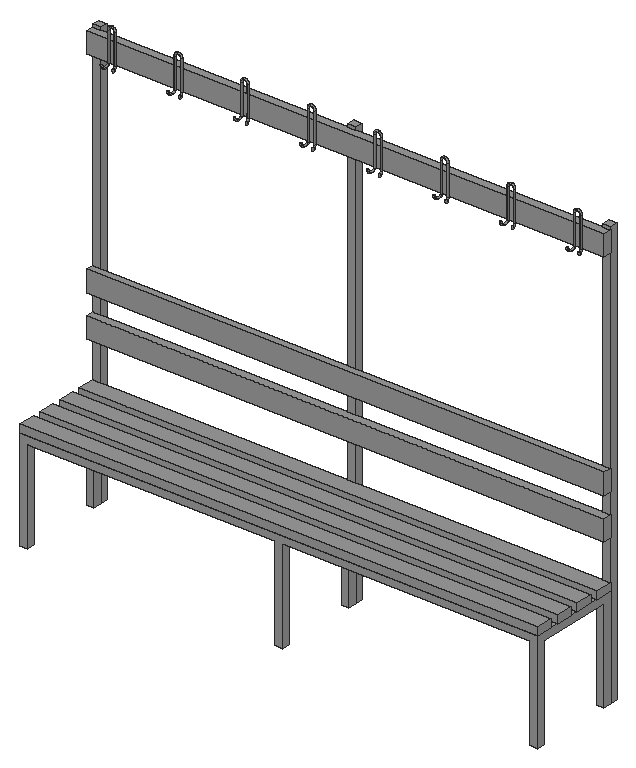
Revit family "Скамейка с вешалкой для раздевалок «Бэйсик Дуо» Арт 20711", category Антураж, Revit 2018
Family settings
  На основе рабочей плоскости = Нет
  Всегда вертикально = Да
  При загрузке вырезать с полостями = Нет
  Источник визуального образа = Геометрия семейства
  Общий = Нет
  Точка расчета площади = Нет
Parameters (values of type "Скамейка с вешалкой для раздевалок «Бэйсик Дуо»")
  Ширина = 380 mm  # constant formula
  Цвет отделки = Дерево
  Цвет каркаса = Сталь
  Описание = "Скамейка с вешалкой для раздевалок «Бэйсик Дуо»"  # constant formula
  Материал изделия = "Сталь, дерево"  # constant formula
  Изображение типоразмера = Скамейка с вешалкой для раздевалок «Бэйсик Дуо» Арт 20711.jpg
  Изготовитель = "ООО «Хоббика»"  # constant formula
  Длина = 2000 mm  # constant formula
  Группа модели = "Скамейки для раздевалок"  # constant formula
  Высота = 1650 mm  # constant formula
  Артикул товара = "Арт. 20711"  # constant formula
  URL = "https://hobbyka.ru/product/skameyka_s_veshalkoy_dlya_razdevalok_beysik_duo/"
Reference planes
  plane 1 "По центру (Вперед/Назад)": y = 0
  plane 2: z = 0
  plane 3 "По центру (Влево/Вправо)": x = 0
  plane 4: z = 1650
  plane 5: y = 380
  plane 6: x = 2000
Forms (mm)
  Extrusion 1, solid, material "Сталь" <- "Цвет каркаса"
    sketch origin (0, 0, 0) x (0, 1, 0) y (0, 0, 1)
      loop
        line (380, 1650) -> (350, 1650) -> (350, 0) -> (380, 0) -> (380, 1650)
    from 0 to 30
  Extrusion 2, solid, material "Сталь" <- "Цвет каркаса"
    sketch origin (0, 0, 0) x (0, 1, 0) y (0, 0, 1)
      loop
        line (350, 390) -> (0, 390) -> (0, 0) -> (30, 0) -> (30, 360) -> (320, 360) -> (320, 0) -> (350, 0) -> (350, 390)
    from 0 to 30
  Extrusion 3, solid, material "Дерево" <- "Цвет отделки"
    sketch origin (0, 0, 0) x (0, 1, 0) y (0, 0, 1)
      loop
        line (350, 1640) -> (320, 1640) -> (320, 1560) -> (350, 1560) -> (350, 1640)
      loop
        line (350, 815) -> (320, 815) -> (320, 735) -> (350, 735) -> (350, 815)
      loop
        line (350, 655) -> (320, 655) -> (320, 575) -> (350, 575) -> (350, 655)
    from 0 to 2000
  Extrusion 4, solid, material "Дерево" <- "Цвет отделки"
    sketch origin (0, 0, 0) x (0, 1, 0) y (0, 0, 1)
      loop
        line (350, 420) -> (285, 420) -> (285, 390) -> (350, 390) -> (350, 420)
    from 0 to 2000
  Extrusion 5, solid, material "Сталь" <- "Цвет каркаса"
    sketch origin (0, 0, 0) x (0, 1, 0) y (0, 0, 1)
      loop
        line (350, 390) -> (0, 390) -> (0, 0) -> (30, 0) -> (30, 360) -> (320, 360) -> (320, 0) -> (350, 0) -> (350, 390)
    from 985 to 1015
  Extrusion 6, solid, material "Сталь" <- "Цвет каркаса"
    sketch origin (0, 0, 0) x (0, 1, 0) y (0, 0, 1)
      loop
        line (350, 390) -> (0, 390) -> (0, 0) -> (30, 0) -> (30, 360) -> (320, 360) -> (320, 0) -> (350, 0) -> (350, 390)
    from 1970 to 2000
  Extrusion 7, solid, material "Сталь" <- "Цвет каркаса"
    sketch origin (0, 0, 0) x (0, 1, 0) y (0, 0, 1)
      loop
        line (380, 1650) -> (350, 1650) -> (350, 0) -> (380, 0) -> (380, 1650)
    from 985 to 1015
  Extrusion 8, solid, material "Сталь" <- "Цвет каркаса"
    sketch origin (0, 0, 0) x (0, 1, 0) y (0, 0, 1)
      loop
        line (380, 1650) -> (350, 1650) -> (350, 0) -> (380, 0) -> (380, 1650)
    from 1970 to 2000
  Extrusion 9, solid, material "Сталь" <- "Цвет каркаса"
    sketch origin (0, 0, 0) x (0, 1, 0) y (0, 0, 1)
      loop
        line (350, 390) -> (320, 390) -> (320, 360) -> (350, 360) -> (350, 390)
      loop
        line (0, 390) -> (0, 360) -> (30, 360) -> (30, 390) -> (0, 390)
    from 30 to 1970
  Extrusion 10, solid, material "Дерево" <- "Цвет отделки"
    sketch origin (0, -285, 0) x (0, 1, 0) y (0, 0, 1)
      loop
        line (350, 420) -> (285, 420) -> (285, 390) -> (350, 390) -> (350, 420)
    from 0 to 2000
  Extrusion 11, solid, material "Дерево" <- "Цвет отделки"
    sketch origin (0, -95, 0) x (0, 1, 0) y (0, 0, 1)
      loop
        line (350, 420) -> (285, 420) -> (285, 390) -> (350, 390) -> (350, 420)
    from 0 to 2000
  Extrusion 12, solid, material "Дерево" <- "Цвет отделки"
    sketch origin (0, -190, 0) x (0, 1, 0) y (0, 0, 1)
      loop
        line (350, 420) -> (285, 420) -> (285, 390) -> (350, 390) -> (350, 420)
    from 0 to 2000
Cuts and joins
  joined: Extrusion 2, Extrusion 5, Extrusion 6, Extrusion 9
Dimensions and locks
  "Высота": plane 4 to plane 2
  "Длина": plane 3 "По центру (Влево/Вправо)" to plane 6
  "Ширина": plane 5 to plane 1 "По центру (Вперед/Назад)"
  Extrusion 1 to plane 1 "По центру (Вперед/Назад)" = 350 mm
  equal spacing: group 1, group 3, group 4, group 2  (x2)
  equal spacing: group 2, group 4, group 3, group 1
  equal spacing: group 5, group 7, group 8, group 9, group 10, group 11, group 12, group 6  (x3)
  aligned and locked: level to plane 2
Automatic sketch dimensions
  Extrusion 1 sketch curve to plane 4 = 0 mm
  Extrusion 1 sketch curve to level = 0 mm
  Extrusion 1 sketch curve to plane 5 = 0 mm
  Extrusion 1 sketch curve to plane 5 = 30 mm
  Extrusion 2 sketch curve to plane 1 "По центру (Вперед/Назад)" = 0 mm
  Extrusion 2 sketch curve to level = 0 mm  (x2)
  Extrusion 2 sketch curve to Extrusion 2 sketch curve = 30 mm  (x2)
  Extrusion 2 sketch curve to plane 5 = 60 mm
  Extrusion 2 sketch curve to plane 5 = 30 mm
  Extrusion 2 sketch curve to Extrusion 2 sketch curve = 360 mm
  Extrusion 3 sketch curve to plane 5 = 60 mm  (x3)
  Extrusion 3 sketch curve to plane 4 = 10 mm
  Extrusion 3 sketch curve to Extrusion 3 sketch curve = 30 mm  (x3)
  Extrusion 3 sketch curve to Extrusion 3 sketch curve = 80 mm  (x4)
  Extrusion 3 sketch curve to Extrusion 3 sketch curve = 745 mm
  Extrusion 4 sketch curve to Extrusion 4 sketch curve = 30 mm
  Extrusion 5 sketch curve to plane 1 "По центру (Вперед/Назад)" = 0 mm
  Extrusion 5 sketch curve to level = 0 mm  (x2)
  Extrusion 5 sketch curve to Extrusion 5 sketch curve = 30 mm  (x2)
  Extrusion 5 sketch curve to plane 5 = 60 mm
  Extrusion 5 sketch curve to plane 5 = 30 mm
  Extrusion 5 sketch curve to Extrusion 5 sketch curve = 360 mm
  Extrusion 6 sketch curve to plane 1 "По центру (Вперед/Назад)" = 0 mm
  Extrusion 6 sketch curve to level = 0 mm  (x2)
  Extrusion 6 sketch curve to Extrusion 6 sketch curve = 30 mm  (x2)
  Extrusion 6 sketch curve to plane 5 = 60 mm
  Extrusion 6 sketch curve to plane 5 = 30 mm
  Extrusion 6 sketch curve to Extrusion 6 sketch curve = 360 mm
  Extrusion 7 sketch curve to plane 4 = 0 mm
  Extrusion 7 sketch curve to level = 0 mm
  Extrusion 7 sketch curve to plane 5 = 0 mm
  Extrusion 7 sketch curve to plane 5 = 30 mm
  Extrusion 8 sketch curve to plane 4 = 0 mm
  Extrusion 8 sketch curve to level = 0 mm
  Extrusion 8 sketch curve to plane 5 = 0 mm
  Extrusion 8 sketch curve to plane 5 = 30 mm
  Extrusion 9 sketch curve to plane 1 "По центру (Вперед/Назад)" = 0 mm
  Extrusion 9 sketch curve to Extrusion 9 sketch curve = 30 mm  (x4)
  Extrusion 9 sketch curve to plane 5 = 60 mm
  level to Extrusion 9 sketch curve = 360 mm
  Extrusion 9 sketch curve to Extrusion 9 sketch curve = 0 mm
  Extrusion 4 sketch curve to Extrusion 4 sketch curve = 65 mm
  Extrusion 10 sketch curve to Extrusion 10 sketch curve = 30 mm
  Extrusion 10 sketch curve to Extrusion 10 sketch curve = 65 mm
  Extrusion 11 sketch curve to Extrusion 11 sketch curve = 30 mm
  Extrusion 11 sketch curve to Extrusion 11 sketch curve = 65 mm
  Extrusion 12 sketch curve to Extrusion 12 sketch curve = 30 mm
  Extrusion 12 sketch curve to Extrusion 12 sketch curve = 65 mm
Nested families
  nested 1: "Крючки для раздеавалки 1" at (100, 320, -175.545), type "Крючки для раздеавалки 1"
  nested 2: "Крючки для раздеавалки 1" at (1900, 320, -175.545), type "Крючки для раздеавалки 1"
  nested 3: "Крючки для раздеавалки 1" at (357.143, 320, -175.545), type "Крючки для раздеавалки 1"
  nested 4: "Крючки для раздеавалки 1" at (614.286, 320, -175.545), type "Крючки для раздеавалки 1"
  nested 5: "Крючки для раздеавалки 1" at (871.429, 320, -175.545), type "Крючки для раздеавалки 1"
  nested 6: "Крючки для раздеавалки 1" at (1128.571, 320, -175.545), type "Крючки для раздеавалки 1"
  nested 7: "Крючки для раздеавалки 1" at (1385.714, 320, -175.545), type "Крючки для раздеавалки 1"
  nested 8: "Крючки для раздеавалки 1" at (1642.857, 320, -175.545), type "Крючки для раздеавалки 1"
Definition of nested family "Крючки для раздеавалки 1"
  Parameters (values of type "Крючки для раздеавалки 1")
    Цвет крючка = none
    Height = 0 mm
  Reference planes
    plane 1 "По центру (Вперед/Назад)": y = 0
    plane 2: z = 0
    plane 3 "По центру (Влево/Вправо)": x = 0
  Forms (mm)
    Sweep 1, solid, material <- "Цвет крючка"
      path origin (-555.368, -2.5, 0) x (-1, 0, 0) y (0, 0, 1)
        loop
          line (-540.368, 1735.545) -> (-540.368, 1853.045)
          arc (-540.368, 1853.045) -> (-555.368, 1868.045) -> (-570.368, 1853.045) r 15
          line (-570.368, 1853.045) -> (-570.368, 1735.545)
      profile origin (-15, -2.5, 1794.295) x (1, 0, 0) y (0, 1, 0)
        loop
          circle (2.5, 0) r 2.5
    Sweep 2, solid, material <- "Цвет крючка"
      path origin (-0.115, -5.517, 0) x (0.422618, 0.906308, 0) y (0, 0, 1)
        loop
          arc (0, 1735.545) -> (-15, 1720.545) -> (-30, 1735.545) r 15
      profile origin (-6.454, -19.112, 1720.545) x (0, 0, -1) y (0.906308, -0.422618, 0)
        loop
          circle (-2.5, -12.5) r 2.5
    Sweep 3, solid, material <- "Цвет крючка"
      path origin (0.115, -5.517, 0) x (-0.422618, 0.906308, 0) y (0, 0, -1)
        loop
          arc (0, -1735.545) -> (-15, -1720.545) -> (-30, -1735.545) r 15
      profile origin (6.454, -19.112, 1720.545) x (0, 0, 1) y (-0.906308, -0.422618, 0)
        loop
          circle (2.5, -12.5) r 2.5
  Cuts and joins
    joined: Sweep 1, Sweep 2, Sweep 3
  Dimensions and locks
    aligned and locked: level to plane 2
